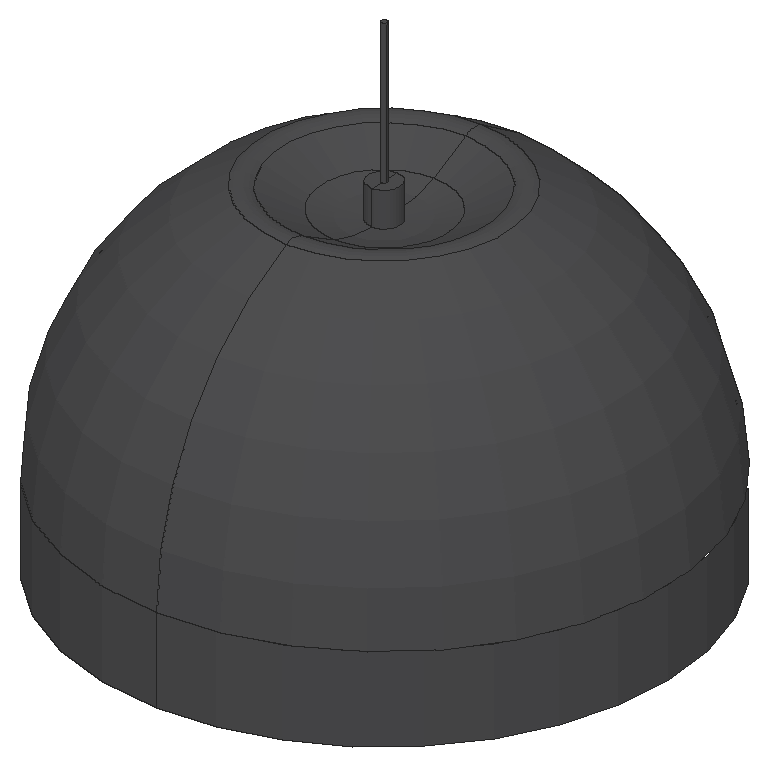
Revit family "Lighting_Pendants_Zero_Bob-Light_XL", category Lighting Fixtures, Revit 2020
Family settings
  Round Connector Dimension = Use Diameter
  Part Type = Normal
  OmniClass Number = 23.80.70.00
  OmniClass Title = Lighting
  Work Plane-Based = No
  Always vertical = Yes
  Cut with Voids When Loaded = No
  Light Source = Yes
  Shared = No
  Room Calculation Point = No
Parameters (values of type "Bob Light XL - Black 14W/955LM On/Off")
  Wattage = 21.4414 W
  WarrantyStartDate [instance] = "n/a"
  WarrantyGuarantorParts = "n/a"
  WarrantyGuarantorLabor = "n/a"
  WarrantyDurationUnit = "n/a"
  WarrantyDurationParts = "n/a"
  WarrantyDurationLabor = "n/a"
  WarrantyDescription = "n/a"
  built-in parameter 1150110 = 1 (stored number, unit not read)
  VersionDate = "31/08/2023"  # constant formula
  Version = "2"  # constant formula
  Uniclass2015Reference = "Pr_70_70_48_46"
  Uniclass2015Description = "Light-emitting diode (LED) luminaires"
  Uniclass2 = "Pr_70_70_49_43"
  URL = "https://www.zerolighting.com/pendants#/bob-xl-inompe"
  TotalWattage = 14 W
  built-in parameter 1114217 = 1 (stored number, unit not read)
  Tilt Angle = 90.00°
  built-in parameter 1150109 = 1 (stored number, unit not read)
  built-in parameter 1150134 = (empty or 0)
  TagNumber [instance] = "n/a"
  SustainabilityPerformance = "n/a"
  built-in parameter 1150113 = 1 (stored number, unit not read)
  Size = "400x400x540 mm"
  Shape = "Sculptured"
  SerialNumber [instance] = "n/a"
  Revision = "1"  # constant formula
  ReplacementCost = "n/a"
  ProductInformation = "n/a"
  ProductDatasheet = "https://www.zerolighting.com/s/Bob-Light-XL-pendel.pdf"
  Photometric Web File = "Bob-xl-191003.IES"
  NumberOfSources = 0
  NumberOfPoles = 1
  NominalWidth = 400 mm
  NominalVoltageCalc = 230 V
  NominalVoltage = 230 V
  NominalLength = 400 mm
  NominalHeight = 540 mm
  NominalFrequencyRange = 50 Hz
  Name = "Zero_Bob-Light_XL"
  NBSReference = "90-60-50/405"
  NBSDescription = "General purpose luminaires"
  ModelReference = "n/a"
  ModelNumber = "19100306-30"
  Model = "Bob Light XL"
  Material = "Aluminium&Steel"
  ManufacturersSpecificInformation = "n/a"
  ManufacturerURL = "https://www.zerolighting.com/"
  ManufacturerName = "Zero"
  Manufacturer = "Zero"
  Lumens = 955 lm
  built-in parameter 1150115 = 1 (stored number, unit not read)
  built-in parameter 1150105 = 553.61 (stored number, unit not read)
  LightFixturePlacingType = "Ceilling"
  LightFixtureMountingType = "Suspended"
  LightFixtureMainMaterial = Black RAL 9005
  built-in parameter 1150137 = (empty or 0)
  built-in parameter 1150139 = (empty or 0)
  LensMaterial = Mat Acrylic
  built-in parameter 1150112 = 1 (stored number, unit not read)
  built-in parameter 1150114 = 1 (stored number, unit not read)
  InsulationStandardClass = "n/a"
  InstallationDate [instance] = "n/a"
  built-in parameter 1150132 = 2
  built-in parameter 1150102 = (empty or 0)
  built-in parameter 1150138 = (empty or 0)
  built-in parameter 1150107 = 3000 (stored number, unit not read)
  built-in parameter 1150106 = 5.5361 (stored number, unit not read)
  IfcExportType = "NOTDEFINED"  # constant formula
  IfcExportAs = "IfcLightFixtureType"  # constant formula
  IP_Code = "IP 20"
  HasProtectiveEarth = no
  Grade = "n/a"
  Finish = "Painted aluminum in white RAL 9010, greybrown RAL 7006, black RAL 9005, orange RAL 3022, grey RAL 7030. Diffuser in matt acrylic. Other colours on request."
  Features = "LED info: System power: 14W. Luminaire Luminous Flux: 955LM. CCT 3000K. SDCM 3. CRI >80. L80/72.000H\r\nInstallation: Suspended from ceiling 2,5 m cable. Including cable-cup.\r\nConnection: DCL plug or terminalblock 3x4 mm2. When DALI 5x4mm2."
  ExpectedLife = "80.000h"
  Emit from Circle Diameter = 400 mm
  Emit Shape Visible in Rendering = no
  ElectricalDeviceNominalPower = 14
  built-in parameter 1150104 = 4.1379 (stored number, unit not read)
  DurationUnit = "Hours"
  Dimming Lamp Color Temperature Shift = <None>
  Designer = "Thomas Bernstrand & Stefan Borselius"
  DefaultElevation = 0 mm
  Default Elevation = 0 mm
  Constituents = "n/a"
  Color Filter = 16777215
  Color = "Various"
  Collection = "Bob"
  CodePerformance = "n/a"
  Category = "Luminaires"
  CableLengthControl [instance] = if(CableLength < 100 mm, 100 mm, if(CableLength > 2500 mm, 2500 mm, CableLength))  # 100 mm
  CableLength [instance] = 100 mm
  Brand = "Zero"
  Barcode [instance] = "n/a"
  built-in parameter 1114218 = 1 (stored number, unit not read)
  BIMObjectName = "Lighting_Pendants_Zero_Bob-Light_XL"  # constant formula
  Author = "BIMStone"  # constant formula
  built-in parameter 1150133 = 10 (stored number, unit not read)
  AssetType = "Fixed"
  AssetIdentifier [instance] = "n/a"
  Article Number = ModelNumber  # "19100306-30"
  AccessibilityPerformance = "n/a"
Types (11, lengths in mm): name | ModelNumber | LightFixtureMainMaterial | Article Number
  (no name) | "19100306-30" | Black RAL 9005 | "19100306-30"
  Bob Light XL - White 14W/955LM On/Off | "19100301-30" | White RAL 9010 | "19100301-30"
  Bob Light XL - White 14W/955LM DALI | "19100301D30" | White RAL 9010 | "19100301D30"
  Bob Light XL - Black 14W/955LM On/Off | "19100306-30" | Black RAL 9005 | "19100306-30"
  Bob Light XL - Black 14W/955LM DALI | "19100306D30" | Black RAL 9005 | "19100306D30"
  Bob Light XL - Grey 14W/955LM On/Off | "19100311-30" | Grey RAL 7030 | "19100311-30"
  Bob Light XL - Grey 14W/955LM DALI | "19100311D30" | Grey RAL 7030 | "19100311D30"
  Bob Light XL - Orange 14W/955LM DALI | "19100341D30" | Orange RAL 3022 | "19100341D30"
  Bob Light XL - Orange 14W/955LM On/Off | "19100341-30" | Orange RAL 3022 | "19100341-30"
  Bob Light XL - Grey brown 14W/955LM On/Off | "19100366-30" | Grey brown RAL 7006 | "19100366-30"
  Bob Light XL - Grey brown 14W/955LM DALI | "19100366D30" | Grey brown RAL 7006 | "19100366D30"
Reference planes
  plane 1 "Light Source Axis (F/B)": y = 0
  plane 2: z = 0
  plane 3 "Light Source Axis (L/R)": x = 0
  plane 4 "Light Source Elevation": z = 0
  plane 5: x = -200
  plane 6: x = 200
  plane 7: y = 200
  plane 8: y = -200
  plane 9: z = 244
Dimensions and locks
  equal spacing: plane 5, plane 3 "Light Source Axis (L/R)", plane 6
  "NominalWidth": plane 5 to plane 6
  equal spacing: plane 7, plane 1 "Light Source Axis (F/B)", plane 8
  "NominalLength": plane 7 to plane 8
  aligned and locked: plane 3 "Light Source Axis (L/R)" to imposter light
  aligned and locked: plane 1 "Light Source Axis (F/B)" to imposter light
  aligned and locked: plane 4 "Light Source Elevation" to imposter light
  aligned and locked: level to plane 2
  aligned and locked: plane 3 "Light Source Axis (L/R)" to nested 1
Nested families
  nested 1: "Bob_XL" at (0, 0, 0), Body <- "LightFixtureMainMaterial", Glass <- "LensMaterial", CableLenghtControl <- "CableLengthControl", Cable <- "LightFixtureMainMaterial", type "Bob_XL"
    with Glass Mat Acrylic, CableLenghtControl 100 mm, Cable Black RAL 9005, Body Black RAL 9005
Connectors
  electrical at (0, 0, 244), driven by "NominalVoltage"
    settings: on nested 1, index 2, voltage 230 V, apparent load 0 VA, apparent load phase1 0 VA, apparent load phase2 0 VA, apparent load phase3 0 VA, power factor 1, load classification "Other", number of poles 1, system type 31, power factor state 1, is connector primary yes, connector utility no, sub classification motor no, connector description ""
Definition of nested family "Bob_XL"
  Parameters (values of type "Bob_XL")
    Glass [instance] = none
    Default Elevation = 0 mm
    CableLenghtControl [instance] = 250 mm
    Cable [instance] = none
    Body [instance] = none
  Reference planes
    plane 1 "Center (Front/Back)": y = 0
    plane 2: z = 0
    plane 3 "Center (Left/Right)": x = 0
    plane 4: y = 200
    plane 5: y = -200
    plane 6: x = -200
    plane 7: x = 200
    plane 8: z = 244
  Forms (mm)
    Revolve 1, solid, material <- "Body", detail levels medium+fine
      sketch origin (0, 0, 0) x (0, 1, 0) y (0, 0, 1)
        loop
          line (200, 0) -> (200, 60)
          arc (200, 60) -> (169.042, 167.271) -> (85.687, 241.551) r 201.327
          arc (85.687, 241.551) -> (78.447, 242.957) -> (71.442, 240.647) r 14.61
          arc (71.442, 240.647) -> (57.993, 232.841) -> (43.859, 226.359) r 162.278
          arc (43.859, 226.359) -> (27.734, 221.608) -> (11, 220.005) r 88.132
          line (11, 220.005) -> (0, 220.005) -> (0, 217.005) -> (11, 217.005)
          arc (11, 217.005) -> (28.304, 218.662) -> (44.978, 223.576) r 91.132
          arc (44.978, 223.576) -> (59.373, 230.178) -> (73.071, 238.127) r 165.278
          arc (73.071, 238.127) -> (78.637, 239.963) -> (84.391, 238.846) r 11.61
          arc (84.391, 238.846) -> (166.503, 165.673) -> (197, 60) r 198.327
          line (197, 60) -> (197, 0) -> (200, 0)
        axis (0, 241.551) -> (0, 0)
      angle from 0 to 360
    Revolve 2, solid, material <- "Glass", detail levels medium+fine
      sketch origin (0, 0, 0) x (0, 1, 0) y (0, 0, 1)
        loop
          line (172, 154) -> (172, 157) -> (159.277, 157)
          arc (159.277, 157) -> (155.078, 156.4) -> (151.215, 154.65) r 15
          arc (151.215, 154.65) -> (139.295, 148.307) -> (126.53, 143.904) r 86.209
          arc (126.53, 143.904) -> (87.8, 135.979) -> (48.457, 132.114) r 380.635
          arc (48.457, 132.114) -> (24.235, 131.278) -> (0, 131) r 1054.429
          line (0, 131) -> (0, 128)
          arc (0, 128) -> (24.304, 128.279) -> (48.595, 129.117) r 1057.429
          arc (48.595, 129.117) -> (88.248, 133.012) -> (127.283, 141) r 383.635
          arc (127.283, 141) -> (140.492, 145.556) -> (152.828, 152.12) r 89.209
          arc (152.828, 152.12) -> (155.918, 153.52) -> (159.277, 154) r 12
          line (159.277, 154) -> (172, 154)
        axis (0, 157) -> (0, 128)
      angle from 0 to 360
    Revolve 3, solid, material <- "Body", detail levels medium+fine
      sketch origin (0, 0, 0) x (0, 1, 0) y (0, 0, 1)
        loop
          line (11, 244) -> (0, 244) -> (0, 220.005) -> (11, 220.005) -> (11, 244)
        axis (0, 220.005) -> (0, 244)
      angle from 0 to 360
    Extrusion 4, solid, material <- "Body", detail levels coarse
      sketch origin (0, 0, 0) x (1, 0, 0) y (0, 1, 0)
        loop
          line (-200, 200) -> (-200, -200) -> (200, -200) -> (200, 200) -> (-200, 200)
      from 0 to 244
    Extrusion 5, solid, material <- "Cable"
      sketch origin (-351, -1524, 244) x (-1, 0, 0) y (0, -1, 0)
        loop
          circle (-351, -1524) r 2
      from 0 to 250 <- "CableLenghtControl"
  Lines and regions (mm)
    symbolic lines, detail levels medium+fine
      curve 1: circle (0, 0, 0) r 200 normal (0, 0, 1)
      curve 2: arc (0, 200, 60) -> (0, 169.042, 167.271) -> (0, 85.687, 241.551) r 201.327
      curve 3: arc (0, 85.687, 241.551) -> (0, 82.611, 242.623) -> (0, 79.373, 242.987) r 14.61
      curve 4: line (0, 200, 0) -> (0, 200, 60)
      curve 5: line (0, 11, 244) -> (0, 11, 242.987)
      curve 6: line (0, 11, 242.987) -> (0, 79.373, 242.987)
      curve 7: line (0, 11, 244) -> (0, 0, 244)
      curve 8: line (0, 200, 0) -> (0, 0, 0)
      curve 9: arc (0, -200, 60) -> (0, -169.042, 167.271) -> (0, -85.687, 241.551) r 201.327
      curve 10: arc (0, -85.687, 241.551) -> (0, -82.611, 242.623) -> (0, -79.373, 242.987) r 14.61
      curve 11: line (0, -200, 0) -> (0, -200, 60)
      curve 12: line (0, -11, 244) -> (0, -11, 242.987)
      curve 13: line (0, -11, 242.987) -> (0, -79.373, 242.987)
      curve 14: line (0, -11, 244) -> (0, 0, 244)
      curve 15: line (0, -200, 0) -> (0, 0, 0)
      curve 17: line (-200, 0, 60) -> (-200, 0, 0)
      curve 18: arc (-85.687, 0, 241.551) -> (-169.042, 0, 167.271) -> (-200, 0, 60) r 201.327
      curve 19: arc (-79.373, 0, 242.987) -> (-82.611, 0, 242.623) -> (-85.687, 0, 241.551) r 14.61
      curve 20: line (0, 0, 244) -> (-11, 0, 244)
      curve 22: line (-11, 0, 244) -> (-11, 0, 242.987)
      curve 23: line (-11, 0, 242.987) -> (-79.373, 0, 242.987)
      curve 24: line (-200, 0, 0) -> (0, 0, 0)
      curve 25: line (200, 0, 60) -> (200, 0, 0)
      curve 26: arc (85.687, 0, 241.551) -> (169.042, 0, 167.271) -> (200, 0, 60) r 201.327
      curve 27: arc (79.373, 0, 242.987) -> (82.611, 0, 242.623) -> (85.687, 0, 241.551) r 14.61
      curve 28: line (0, 0, 244) -> (11, 0, 244)
      curve 30: line (11, 0, 244) -> (11, 0, 242.987)
      curve 31: line (11, 0, 242.987) -> (79.373, 0, 242.987)
      curve 32: line (200, 0, 0) -> (0, 0, 0)
    symbolic lines, detail levels fine
      curve 16: line (0, 11, 242.987) -> (0, -11, 242.987)
      curve 21: line (0, 0, 242.987) -> (-11, 0, 242.987)
      curve 29: line (0, 0, 242.987) -> (11, 0, 242.987)
      curve 33: circle (0, 0, 0) r 197 normal (0, 0, 1)
    symbolic lines
      curve 34: line (0, 2, 494) -> (0, -2, 494)
      curve 35: line (0, 2, 494) -> (0, 2, 244)
      curve 36: line (0, -2, 494) -> (0, -2, 244)
      curve 37: line (2, 0, 494) -> (-2, 0, 494)
      curve 38: line (-2, 0, 494) -> (-2, 0, 244)
      curve 39: line (2, 0, 494) -> (2, 0, 244)
  Dimensions and locks
    aligned and locked: level to plane 2
    aligned and locked: curve 34 to Extrusion 5
    aligned and locked: curve 37 to Extrusion 5
